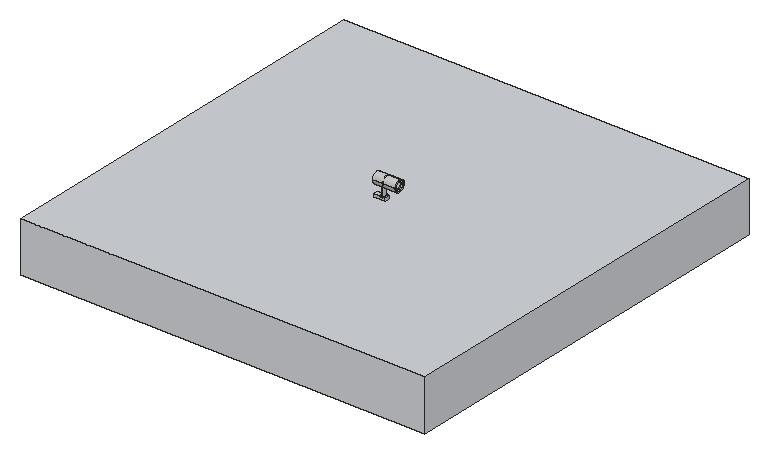
Revit family "LAMP_HANCE TRACK SPOT (DALI)", category Modelos genéricos, Revit 2015
Parameters (values of type "736LM 3000 BLACK")
  Weight = 0.47 kg
  Type = "COB PHILIPS"
  Total height = 190 mm
  Tilting angle [instance] = 90.00°
  Tilting [instance] = if(Tilting angle < 0.00°, 0.00°, if(Tilting angle > 90.00°, 90.00°, Tilting angle))  # 90.00°
  Rotation angle [instance] = 0.00°
  Rotation [instance] = if(Rotation angle < 0.00°, 90.00°, if(Rotation angle > 355.00°, 85.00°, Rotation angle + 90.00°))  # 90.00°
  Protection rating = "IP20"
  Profundidad tija = if(Longitud cuerpo = 210 mm, 18 mm, 8.2 mm)  # 8.2 mm
  Product datasheet = "http://www.lamp.es/product-files/TECH/HS1TK10SP830DBB-EN.pdf"
  Product code = "HS1TK10SP830DBB"
  Product URL = "http://www.lamp.es/en/family/hance_173901"
  Power Supply = "220-240V 50-60Hz"
  Power = 7 W
  Plum = 8.2 W
  Photometric web file = Cuerpo Hance TRACK SP (tilting) : 736LM 3000 BLACK
  Modelo = Product code  # "HS1TK10SP830DBB"
  Model explanation = "Availability of tilting between 0º and 90º, rotation between 0º and 355º and change ring color when placed in a project."
  Material track = LAMP_Aluminio Hance Negro
  Material tija = LAMP_Aluminio Hance Negro
  Manufacturer name = "LAMP"
  Manufacturer country = "Spain"
  Manufacturer URL = "http://www.lamp.es/es/"
  MacAdam = "3"
  Luminaire type = "Indoor - Spotlight"
  Longitud cuerpo = 135 mm
  Longitud aro = if(Longitud cuerpo = 135 mm, 63.6 mm, if(Longitud cuerpo = 170 mm, 98.6 mm, 138.6 mm))  # 63.6 mm
  Last update = "08/08/2018"
  Lamp = "COB LED"
  LED Lifetime = "50.000 L90 B10"
  Insulation class = "I"
  Installation instructions = "http://www.lamp.es/product-files/INS/1004280-A-INSTR.%20MONT%20HANCE%20TRACK220-SUR-REC.pdf"
  Initial intensity = 736 lm
  Initial color = 3000 K
  IEE = "A+"
  Gear = "Adjustable DALI"
  Finish = "Texturised black"
  Fabricante = Manufacturer name  # "LAMP"
  Default Elevation = 1219.2 mm
  Efficacy = 89.78 lm/W
  Diameter = 65 mm
  Descripción = "HANCE TRACK 220 1000 WW SP BK."
  Decorative ring [instance] = Aro decorativo (tilting) : Black
  Comentarios de tipo = Model explanation  # "Availability of tilting between 0º and 90º, rotation between 0º and 355º and change ring color when placed in a project."
  CRI = "80"
  Body height = 135 mm
  Angulo aro [instance] = if(Tilting = 90.00°, 90.00°, -Tilting + 180.00°)  # 90.00°
  Anchura tija = if(Longitud cuerpo = 210 mm, 28 mm, 23 mm)  # 23 mm
  Altura tija = if(Longitud cuerpo = 210 mm, 49 mm, 63 mm)  # 63 mm
Types (17, lengths in mm): name | Weight | Total height | Profundidad tija | Product datasheet | Product code | Power | Plum | Photometric web file | Modelo | Material track | Material tija | Longitud cuerpo | Longitud aro | LED Lifetime | Initial intensity | Initial color | IEE | Finish | Efficacy | Diameter | Descripción | Body height | Anchura tija | Altura tija
  (no name) | 0.47 kg | 190 | 8.2 | "http://www.lamp.es/product-files/TECH/HS1TK10SP830DBB-EN.pdf" | "HS1TK10SP830DBB" | 7 W | 8.2 W | Cuerpo Hance TRACK SP (tilting) : 736LM 3000 BLACK | "HS1TK10SP830DBB" | LAMP_Aluminio Hance Negro | LAMP_Aluminio Hance Negro | 135 | 63.6 | "50.000 L90 B10" | 736 lm | 3000 K | "A+" | "Texturised black" | 89.78 lm/W | 65 | "HANCE TRACK 220 1000 WW SP BK." | 135 | 23 | 63
  736LM 3000 BLACK | 0.47 kg | 190 | 8.2 | "http://www.lamp.es/product-files/TECH/HS1TK10SP830DBB-EN.pdf" | "HS1TK10SP830DBB" | 7 W | 8.2 W | Cuerpo Hance TRACK SP (tilting) : 736LM 3000 BLACK | "HS1TK10SP830DBB" | LAMP_Aluminio Hance Negro | LAMP_Aluminio Hance Negro | 135 | 63.6 | "50.000 L90 B10" | 736 lm | 3000 K | "A+" | "Texturised black" | 89.78 lm/W | 65 | "HANCE TRACK 220 1000 WW SP BK." | 135 | 23 | 63
  736LM 3000 WHITE | 0.47 kg | 190 | 8.2 | "http://www.lamp.es/product-files/TECH/HS1TK10SP830DBW-EN.pdf" | "HS1TK10SP830DBW" | 7 W | 8.2 W | Cuerpo Hance TRACK SP (tilting) : 736LM 3000 WHITE | "HS1TK10SP830DBW" | LAMP_Aluminio Hance Blanco | LAMP_Aluminio Hance Blanco | 135 | 63.6 | "50.000 L90 B10" | 736 lm | 3000 K | "A+" | "Texturised matt white" | 89.78 lm/W | 65 | "HANCE TRACK 220 1000 WW SP WH." | 135 | 23 | 63
  778LM 4000 BLACK | 0.47 kg | 190 | 8.2 | "http://www.lamp.es/product-files/TECH/HS1TK10SP840DBB-EN.pdf" | "HS1TK10SP840DBB" | 7 W | 8.2 W | Cuerpo Hance TRACK SP (tilting) : 778LM 4000 BLACK | "HS1TK10SP840DBB" | LAMP_Aluminio Hance Negro | LAMP_Aluminio Hance Negro | 135 | 63.6 | "50.000 L90 B10" | 778 lm | 4000 K | "A+" | "Texturised black" | 94.88 lm/W | 65 | "HANCE TRACK 220 1000 NW SP BK." | 135 | 23 | 63
  778LM 4000 WHITE | 0.47 kg | 190 | 8.2 | "http://www.lamp.es/product-files/TECH/HS1TK10SP840DBW-EN.pdf" | "HS1TK10SP840DBW" | 7 W | 8.2 W | Cuerpo Hance TRACK SP (tilting) : 778LM 4000 WHITE | "HS1TK10SP840DBW" | LAMP_Aluminio Hance Blanco | LAMP_Aluminio Hance Blanco | 135 | 63.6 | "50.000 L90 B10" | 778 lm | 4000 K | "A+" | "Texturised matt white" | 94.88 lm/W | 65 | "HANCE TRACK 220 1000 NW SP WH." | 135 | 23 | 63
  1577LM 3000 BLACK | 0.65 kg | 225 | 8.2 | "http://www.lamp.es/product-files/TECH/HS1TK20SP830DBB-EN.pdf" | "HS1TK20SP830DBB" | 18 W | 21 W | Cuerpo Hance TRACK SP (tilting) : 1577LM 3000 BLACK | "HS1TK20SP830DBB" | LAMP_Aluminio Hance Negro | LAMP_Aluminio Hance Negro | 170 | 98.6 | "50.000 L80 B10" | 1577 lm | 3000 K | "A" | "Texturised black" | 75.12 lm/W | 65 | "HANCE TRACK 220 2000 WW SP BK." | 170 | 23 | 63
  1577LM 3000 WHITE | 0.65 kg | 225 | 8.2 | "http://www.lamp.es/product-files/TECH/HS1TK20SP830DBW-EN.pdf" | "HS1TK20SP830DBW" | 18 W | 21 W | Cuerpo Hance TRACK SP (tilting) : 1577LM 3000 WHITE | "HS1TK20SP830DBW" | LAMP_Aluminio Hance Blanco | LAMP_Aluminio Hance Blanco | 170 | 98.6 | "50.000 L80 B10" | 1577 lm | 3000 K | "A" | "Texturised matt white" | 75.12 lm/W | 65 | "HANCE TRACK 220 2000 WW SP WH." | 170 | 23 | 63
  1667LM 4000 BLACK | 0.65 kg | 225 | 8.2 | "http://www.lamp.es/product-files/TECH/HS1TK20SP840DBB-EN.pdf" | "HS1TK20SP840DBB" | 18 W | 21 W | Cuerpo Hance TRACK SP (tilting) : 1667LM 4000 BLACK | "HS1TK20SP840DBB" | LAMP_Aluminio Hance Negro | LAMP_Aluminio Hance Negro | 170 | 98.6 | "50.000 L80 B10" | 1667 lm | 4000 K | "A+" | "Texturised black" | 79.38 lm/W | 65 | "HANCE TRACK 220 2000 NW SP BK." | 170 | 23 | 63
  1667LM 4000 WHITE | 0.65 kg | 225 | 8.2 | "http://www.lamp.es/product-files/TECH/HS1TK20SP840DBW-EN.pdf" | "HS1TK20SP840DBW" | 18 W | 21 W | Cuerpo Hance TRACK SP (tilting) : 1667LM 4000 WHITE | "HS1TK20SP840DBW" | LAMP_Aluminio Hance Blanco | LAMP_Aluminio Hance Blanco | 170 | 98.6 | "50.000 L80 B10" | 1667 lm | 4000 K | "A+" | "Texturised matt white" | 79.38 lm/W | 65 | "HANCE TRACK 220 2000 NW SP WH." | 170 | 23 | 63
  2541LM 3000 BLACK | 1.35 kg | 266 | 18 | "http://www.lamp.es/product-files/TECH/HS1TK30SP830DBB-EN.pdf" | "HS1TK30SP830DBB" | 26 W | 28.6 W | Cuerpo Hance TRACK SP (tilting) : 2541LM 3000 BLACK | "HS1TK30SP830DBB" | LAMP_Aluminio Hance Negro | LAMP_Aluminio Hance Negro | 210 | 138.6 | "50.000 L80 B10" | 2541 lm | 3000 K | "A+" | "Texturised black" | 88.83 lm/W | 90 | "HANCE TRACK 220 2000 NW SP BL." | 210 | 28 | 49
  2541LM 3000 WHITE | 1.35 kg | 266 | 18 | "http://www.lamp.es/product-files/TECH/HS1TK30SP830DBW-EN.pdf" | "HS1TK30SP830DBW" | 26 W | 28.6 W | Cuerpo Hance TRACK SP (tilting) : 2541LM 3000 WHITE | "HS1TK30SP830DBW" | LAMP_Aluminio Hance Blanco | LAMP_Aluminio Hance Blanco | 210 | 138.6 | "50.000 L80 B10" | 2541 lm | 3000 K | "A+" | "Texturised matt white" | 88.83 lm/W | 90 | "HANCE TRACK 220 2000 NW SP WH." | 210 | 28 | 49
  2656LM 4000 BLACK | 1.35 kg | 266 | 18 | "http://www.lamp.es/product-files/TECH/HS1TK30SP840DBB-EN.pdf" | "HS1TK30SP840DBB" | 26 W | 28.6 W | Cuerpo Hance TRACK SP (tilting) : 2656LM 4000 BLACK | "HS1TK30SP840DBB" | LAMP_Aluminio Hance Negro | LAMP_Aluminio Hance Negro | 210 | 138.6 | "50.000 L80 B10" | 2656 lm | 4000 K | "A+" | "Texturised black" | 92.87 lm/W | 90 | "HANCE TRACK 220 3000 NW SP BK." | 210 | 28 | 49
  2656LM 4000 WHITE | 1.35 kg | 266 | 18 | "http://www.lamp.es/product-files/TECH/HS1TK30SP840DBW-EN.pdf" | "HS1TK30SP840DBW" | 26 W | 28.6 W | Cuerpo Hance TRACK SP (tilting) : 2656LM 4000 WHITE | "HS1TK30SP840DBW" | LAMP_Aluminio Hance Blanco | LAMP_Aluminio Hance Blanco | 210 | 138.6 | "50.000 L80 B10" | 2656 lm | 4000 K | "A+" | "Texturised matt white" | 92.87 lm/W | 90 | "HANCE TRACK 220 3000 NW SP WH." | 210 | 28 | 49
  3295LM 3000 BLACK | 1.35 kg | 266 | 18 | "http://www.lamp.es/product-files/TECH/HS1TK40SP830DBB-EN.pdf" | "HS1TK40SP830DBB" | 35 W | 39.5 W | Cuerpo Hance TRACK SP (tilting) : 3295LM 3000 BLACK | "HS1TK40SP830DBB" | LAMP_Aluminio Hance Negro | LAMP_Aluminio Hance Negro | 210 | 138.6 | "50.000 L80 B10" | 3295 lm | 3000 K | "A+" | "Texturised black" | 83.42 lm/W | 90 | "HANCE TRACK 220 4000 WW SP BK." | 210 | 28 | 49
  3295LM 3000 WHITE | 1.35 kg | 266 | 18 | "http://www.lamp.es/product-files/TECH/HS1TK40SP830DBW-EN.pdf" | "HS1TK40SP830DBW" | 35 W | 39.5 W | Cuerpo Hance TRACK SP (tilting) : 3295LM 3000 WHITE | "HS1TK40SP830DBW" | LAMP_Aluminio Hance Blanco | LAMP_Aluminio Hance Blanco | 210 | 138.6 | "50.000 L80 B10" | 3295 lm | 3000 K | "A+" | "Texturised matt white" | 83.42 lm/W | 90 | "HANCE TRACK 220 4000 WW SP WH." | 210 | 28 | 49
  3431LM 4000 BLACK | 1.35 kg | 266 | 18 | "http://www.lamp.es/product-files/TECH/HS1TK40SP840DBB-EN.pdf" | "HS1TK40SP840DBB" | 35 W | 39.5 W | Cuerpo Hance TRACK SP (tilting) : 3431LM 4000 BLACK | "HS1TK40SP840DBB" | LAMP_Aluminio Hance Negro | LAMP_Aluminio Hance Negro | 210 | 138.6 | "50.000 L80 B10" | 3431 lm | 4000 K | "A+" | "Texturised black" | 86.86 lm/W | 90 | "HANCE TRACK 220 4000 NW SP BK." | 210 | 28 | 49
  3431LM 4000 WHITE | 1.35 kg | 266 | 18 | "http://www.lamp.es/product-files/TECH/HS1TK40SP840DBW-EN.pdf" | "HS1TK40SP840DBW" | 35 W | 39.5 W | Cuerpo Hance TRACK SP (tilting) : 3431LM 4000 WHITE | "HS1TK40SP840DBW" | LAMP_Aluminio Hance Blanco | LAMP_Aluminio Hance Blanco | 210 | 138.6 | "50.000 L80 B10" | 3431 lm | 4000 K | "A+" | "Texturised matt white" | 86.86 lm/W | 90 | "HANCE TRACK 220 4000 NW SP WH." | 210 | 28 | 49
Reference planes
  plane 1 "Centro (Frontal/Posterior)": y = 0
  plane 2: z = 0
  plane 3 "Centro (Izquierda/Derecha)": x = 0
Forms (mm)
  Extrusion 1, solid
    sketch origin (0, 0, 0) x (1, 0, 0) y (0, 1, 0)
      loop
        line (-1219.2, 1219.2) -> (-1219.2, -1219.2) -> (1219.2, -1219.2) -> (1219.2, 1219.2) -> (-1219.2, 1219.2)
    from 0 to -304.8
  Extrusion 2, solid, material "LAMP_Aluminio Hance Negro" <- "Material track"
    sketch origin (-17.6, 0, 0) x (1, 0, 0) y (0, 1, 0)
      loop
        arc (-31.129, 16) -> (-35, 0) -> (-31.129, -16) r 35
        line (-31.129, -16) -> (31.129, -16)
        arc (31.129, -16) -> (35, 0) -> (31.129, 16) r 35
        line (31.129, 16) -> (-31.129, 16)
    from -26 to 14
  Extrusion 3, void
    sketch origin (0, 0, 0) x (0, 1, 0) y (0, 0, 1)
      loop
        line (17, 0) -> (7, 0) -> (7, -25) -> (-7, -25) -> (-7, 0) -> (-17, 0) -> (-17, -26) -> (17, -26) -> (17, 0)
    from -55.461 to 19.43
  Extrusion 4, void
    sketch origin (-17.6, 0, 0) x (-1, 0, 0) y (0, -1, 0)
      loop
        circle (-17.6, 0) r 6.5
    from -7.7 to 14
  Extrusion 5, solid, material "LAMP_Aluminio Hance Negro" <- "Material track"
    sketch origin (0, 0, 0) x (1, 0, 0) y (0, 1, 0)
      loop
        circle (-1, 0) r 15.5
    from 14 to 18
Cuts and joins
  Extrusion 3, Extrusion 4 cuts Extrusion 2
Lines and regions (mm)
  reference lines
    curve 1: line (0, 0, 0) -> (50, 0, 0)
Text (mm)
  text "Any modification of the parameters and properties of the LAMP BIM models must be executed and validated by the LAMP technical department.\n\nPhone: +34 93 736 68 00\n\nE-mail: lamp@lamp.es\n\n\n\nLAMP reserves the right to modify the technical specifications of its products." at (-20972.013, 13751.942, -8580.163), in view "Preview"
Dimensions and locks
  "Rotation": angle curve 1 to plane 3 "Centro (Izquierda/Derecha)"
  aligned and locked: plane 2 to Extrusion 1
  aligned and locked: level to Extrusion 1
  aligned and locked: plane 3 "Centro (Izquierda/Derecha)" to curve 1
  aligned and locked: plane 1 "Centro (Frontal/Posterior)" to curve 1
Automatic sketch dimensions
  Extrusion 1 sketch curve to Extrusion 1 sketch curve = 2438.4 mm  (x2)
  Extrusion 2 sketch curve to Extrusion 2 sketch curve = 0 mm  (x2)
  plane 1 "Centro (Frontal/Posterior)" to Extrusion 2 sketch curve = 0 mm
  Extrusion 2 sketch curve to plane 1 "Centro (Frontal/Posterior)" = 16 mm
  Extrusion 2 sketch curve to plane 3 "Centro (Izquierda/Derecha)" = 48.729 mm
  plane 1 "Centro (Frontal/Posterior)" to Extrusion 2 sketch curve = 16 mm
  Extrusion 2 sketch curve to plane 3 "Centro (Izquierda/Derecha)" = 17.6 mm
  plane 3 "Centro (Izquierda/Derecha)" to Extrusion 2 sketch curve = 13.529 mm
  Extrusion 3 sketch curve to level = 0 mm  (x2)
  plane 1 "Centro (Frontal/Posterior)" to Extrusion 3 sketch curve = 17 mm
  plane 1 "Centro (Frontal/Posterior)" to Extrusion 3 sketch curve = 7 mm
  Extrusion 3 sketch curve to plane 1 "Centro (Frontal/Posterior)" = 7 mm
  Extrusion 3 sketch curve to Extrusion 3 sketch curve = 10 mm
  Extrusion 3 sketch curve to Extrusion 3 sketch curve = 25 mm
  Extrusion 3 sketch curve to Extrusion 3 sketch curve = 1 mm
  plane 1 "Centro (Frontal/Posterior)" to Extrusion 4 sketch curve = 0 mm
  Extrusion 4 sketch curve to plane 3 "Centro (Izquierda/Derecha)" = 0 mm
  Extrusion 5 sketch curve to curve 1 = 0 mm
  Extrusion 5 sketch curve to curve 1 = 1 mm
  radius of Extrusion 4 sketch curve = 6.5 mm
  radius of Extrusion 5 sketch curve = 15.5 mm
Nested families
  nested 1: "Aro decorativo (tilting)" at (-0.5, 0, 73.163) x (1, 0, 0) z (0, 0, -1), type <- "Decorative ring", type "Black"
  nested 2: "Tija track" at (1, 0, 18), type "Tija track"
  nested 3: "Cuerpo Hance TRACK SP (tilting)" at (-0.525, 0, 73.145) x (1, 0, 0) z (0, 0, -1), type <- "Photometric web file", type "736LM 3000 BLACK"
Connectors
  electrical at (-17.6, 0, -25)
    settings: on cut or joined group of Extrusion 2, Extrusion 3, Extrusion 4, index 1, voltage 230 V, apparent load 0 VA, apparent load phase1 0 VA, apparent load phase2 0 VA, apparent load phase3 0 VA, power factor 1, load classification "Otro", number of poles 1, system type 31, power factor state 1, is connector primary yes, connector utility no, sub classification motor no, connector description ""
Definition of nested family "Aro decorativo (tilting)"
  Parameters (values of type "Copper")
    Weight (3000/4000) = 0.016 kg
    Weight (1000/2000) = 0.01 kg
    Tilting = 90.00°
    Product datasheet = ""
    Product code (3000/4000) = "HSRI90C"
    Product code (1000/2000) = "HSRI65C"
    Product URL = ""
    Model = ""
    Material aro = none
    Manufacturer name = "LAMP"
    Manufacturer country = "Spain"
    Manufacturer URL = "http://www.lamp.es/en"
    Longitud = 63.6 mm
    Last update = "21/05/2018"
    Installation instructions = ""
    Finish = "Metalized matt copper"
    Manufacturer = Manufacturer name  # "LAMP"
    Default Elevation = 1219.2 mm
    Diameter (3000/4000) = 90 mm
    Diameter (1000/2000) = 65 mm
    Description = ""
    Accessory Type = "Optic"
    3000/4000 Model = "HSRI90C"
    3000/4000 Description = "HANCE 3000/4000 ACC. RING DECO CO."
    1000/2000 Model = "HSRI65C"
    1000/2000 Description = "HANCE 1000/2000 ACC. RING DECO CO."
  Types (5, lengths in mm): name | Product code (3000/4000) | Product code (1000/2000) | Finish | 3000/4000 Model | 3000/4000 Description | 1000/2000 Model | 1000/2000 Description
    (no name) | "HSRI90C" | "HSRI65C" | "Metalized matt copper" | "HSRI90C" | "HANCE 3000/4000 ACC. RING DECO CO." | "HSRI65C" | "HANCE 1000/2000 ACC. RING DECO CO."
    Black | "HSRI90B" | "HSRI65B" | "Matt black" | "HSRI90B" | "HANCE 3000/4000 ACC. RING DECO BK." | "HSRI65B" | "HANCE 1000/2000 ACC. RING DECO BK."
    Copper | "HSRI90C" | "HSRI65C" | "Metalized matt copper" | "HSRI90C" | "HANCE 3000/4000 ACC. RING DECO CO." | "HSRI65C" | "HANCE 1000/2000 ACC. RING DECO CO."
    Grey | "HSRI90M" | "HSRI65M" | "Metalized matt silver" | "HSRI90M" | "HANCE 3000/4000 ACC. RING DECO MET." | "HSRI65M" | "HANCE 1000/2000 ACC. RING DECO MET."
    White | "HSRI90W" | "HSRI65W" | "Matt White" | "HSRI90W" | "HANCE 3000/4000 ACC. RING DECO WH." | "HSRI65W" | "HANCE 1000/2000 ACC. RING DECO WH."
  Reference planes
    plane 1 "Centro (Frontal/Posterior)": y = 0
    plane 2: z = 0
    plane 3 "Centro (Izquierda/Derecha)": x = 0
  Lines and regions (mm)
    reference lines
      curve 1: line (0, 0, 0) -> (0, 0, -27.9)
      curve 2: line (0, 0, -27.9) -> (80.8, 0, -27.9)
  Text (mm)
    text "Any modification of the parameters and properties of the LAMP BIM models must be executed and validated by the LAMP technical department.\n\nPhone: +34 93 736 68 00\n\nE-mail: lamp@lamp.es\n\n\n\nLAMP reserves the right to modify the technical specifications of its products." at (86527.204, -96597.187, 50741.736), in view "Preview"
  Dimensions and locks
    "Tilting": angle curve 1 to plane 2
    aligned and locked: level to plane 2
    aligned and locked: plane 3 "Centro (Izquierda/Derecha)" to curve 1
    aligned and locked: plane 2 to curve 1
  Automatic sketch dimensions
    curve 2 to curve 1 = 0 mm
    curve 1 to curve 2 = 0 mm
    curve 1 to curve 2 = 80.8 mm
  Nested families
    nested 1: "Aro decorativo" at (17.2, 0, 0), type "Copper"
  Definition of nested family "Aro decorativo"
    Parameters (values of type "Copper")
      Weight (3000/4000) = 0.016 kg
      Weight (1000/2000) = 0.01 kg
      Product datasheet = ""
      Product code (3000/4000) = "HSRI90C"
      Product code (1000/2000) = "HSRI65C"
      Product URL = ""
      Model = ""
      Material aro = none
      Manufacturer name = "LAMP"
      Manufacturer country = "Spain"
      Manufacturer URL = "http://www.lamp.es/en"
      Longitud = 63.6 mm
      Last update = "21/05/2018"
      Installation instructions = ""
      Finish = "Metalized matt copper"
      Manufacturer = Manufacturer name  # "LAMP"
      Default Elevation = 1219.2 mm
      Diametro vaciado aro interior = if(Diametro aro interior = 35.4 mm, 34.4 mm, 21.9 mm)  # 21.9 mm
      Diametro vaciado aro exterior = if(Diametro aro exterior = 42.9 mm, 41.9 mm, 29.4 mm)  # 29.4 mm
      Diametro aro interior = if(Diametro aro exterior = 42.9 mm, 35.4 mm, 22.9 mm)  # 22.9 mm
      Diametro aro exterior = if(Longitud = 138.6 mm, 42.9 mm, 30.4 mm)  # 30.4 mm
      Diameter (3000/4000) = 90 mm
      Diameter (1000/2000) = 65 mm
      Description = ""
      Accessory Type = "Optic"
      3000/4000 Model = "HSRI90C"
      3000/4000 Description = "HANCE 3000/4000 ACC. RING DECO CO."
      1000/2000 Description = "HANCE 1000/2000 ACC. RING DECO CO."
      1000/2000 Model = "HSRI65C"
    Types (5, lengths in mm): name | Product code (3000/4000) | Product code (1000/2000) | Finish | 3000/4000 Model | 3000/4000 Description | 1000/2000 Description | 1000/2000 Model
      (no name) | "HSRI90C" | "HSRI65C" | "Metalized matt copper" | "HSRI90C" | "HANCE 3000/4000 ACC. RING DECO CO." | "HANCE 1000/2000 ACC. RING DECO CO." | "HSRI65C"
      Black | "HSRI90B" | "HSRI65B" | "Matt black" | "HSRI90B" | "HANCE 3000/4000 ACC. RING DECO BK." | "HANCE 1000/2000 ACC. RING DECO BK." | "HSRI65B"
      Copper | "HSRI90C" | "HSRI65C" | "Metalized matt copper" | "HSRI90C" | "HANCE 3000/4000 ACC. RING DECO CO." | "HANCE 1000/2000 ACC. RING DECO CO." | "HSRI65C"
      Grey | "HSRI90M" | "HSRI65M" | "Metalized matt silver" | "HSRI90M" | "HANCE 3000/4000 ACC. RING DECO MET." | "HANCE 1000/2000 ACC. RING DECO MET." | "HSRI65M"
      White | "HSRI90W" | "HSRI65W" | "Matt white" | "HSRI90W" | "HANCE 3000/4000 ACC. RING DECO WH." | "HANCE 1000/2000 ACC. RING DECO WH." | "HSRI65W"
    Reference planes
      plane 1 "Centro (Frontal/Posterior)": y = 0
      plane 2: z = 0
      plane 3 "Centro (Izquierda/Derecha)": x = 0
    Forms (mm)
      Revolve 1, solid, material <- "Material aro"
        sketch origin (0, 0, -27.9) x (1, 0, 0) y (0, 0, 1)
          loop
            line (63.6, 0) -> (73.782, 0) -> (73.782, 30.4) -> (63.6, 22.9) -> (63.6, 0)
          axis (73.782, 0) -> (63.6, 0)
        angle from 0 to 360
      Revolve 2, void
        sketch origin (0, 0, -27.9) x (1, 0, 0) y (0, 0, 1)
          loop
            line (73.782, 29.4) -> (63.6, 21.9) -> (63.6, 0) -> (73.782, 0) -> (73.782, 29.4)
          axis (63.6, 0) -> (73.782, 0)
        angle from 0 to 360
    Cuts and joins
      Revolve 2 cuts Revolve 1
    Lines and regions (mm)
      reference lines
        curve 1: line (0, 0, -27.9) -> (63.6, 0, -27.9)
    Text (mm)
      text "Any modification of the parameters and properties of the LAMP BIM models must be executed and validated by the LAMP technical department.\n\nPhone: +34 93 736 68 00\n\nE-mail: lamp@lamp.es\n\n\n\nLAMP reserves the right to modify the technical specifications of its products." at (91886.357, -93022.329, 47898.266), in view "Preview"
    Dimensions and locks
      "Diametro aro exterior": Revolve 1 sketch curve to Revolve 1 sketch curve
      "Diametro vaciado aro exterior": Revolve 2 sketch curve to Revolve 2 sketch curve
      "Longitud": curve 1 to plane 3 "Centro (Izquierda/Derecha)"
      "Diametro aro interior": Revolve 1 sketch curve to Revolve 1 sketch curve
      "Diametro vaciado aro interior": Revolve 2 sketch curve to Revolve 2 sketch curve
      aligned and locked: level to plane 2
    Automatic sketch dimensions
      Revolve 1 sketch curve to curve 1 = 0 mm  (x4)
      curve 1 to Revolve 1 sketch curve = 10.182 mm
      Revolve 1 sketch curve to Revolve 1 sketch curve = 0 mm
      Revolve 2 sketch curve to curve 1 = 0 mm  (x3)
      curve 1 to Revolve 2 sketch curve = 10.182 mm
      Revolve 2 sketch curve to curve 1 = 1261.008 mm
      Revolve 2 sketch curve to Revolve 2 sketch curve = 1898.983 mm
      curve 1 to plane 3 "Centro (Izquierda/Derecha)" = 0 mm
      curve 1 to level = 27.9 mm
Definition of nested family "Tija track"
  Parameters (values of type "Tija track")
    Profundidad tija = 8.2 mm
    Material tija = none
    Default Elevation = 1219.2 mm
    Anchura tija = 23 mm
    Profundo vaciado = if(Profundidad tija = 18 mm, 10.8 mm, 1 mm)  # 1 mm
    Ancho vaciado = Anchura tija  # 23 mm
    Altura tija = 63 mm
  Reference planes
    plane 1 "Centro (Frontal/Posterior)": y = 0
    plane 2: z = 0
    plane 3 "Centro (Izquierda/Derecha)": x = 0
  Forms (mm)
    Extrusion 1, solid
      sketch origin (0, 0, 0) x (1, 0, 0) y (0, 1, 0)
        loop
          line (-1219.2, 1219.2) -> (-1219.2, -1219.2) -> (1219.2, -1219.2) -> (1219.2, 1219.2) -> (-1219.2, 1219.2)
      from 0 to -304.8
    Extrusion 2, solid, material <- "Material tija"
      sketch origin (0, 0, -18) x (1, 0, 0) y (0, 0, 1)
        loop
          line (4.1, 18) -> (4.1, 81) -> (-6.297, 81)
          arc (-6.297, 81) -> (-12.297, 75) -> (-6.297, 69) r 6
          line (-6.297, 69) -> (-4.1, 69) -> (-4.1, 18) -> (4.1, 18)
      from -11.5 to 11.5
    Extrusion 3, void
      sketch origin (0, 0, -20) x (-1, 0, 0) y (0, 0, 1)
        loop
          circle (7.297, 77) r 3
        loop
          circle (7.297, 63) r 3
      from -17.317 to 15.502
    Extrusion 4, void
      sketch origin (1, -11.5, 0) x (-1, 0, 0) y (0, 1, 0)
        loop
          line (0, 23) -> (-38.141, 23) -> (-38.141, 0) -> (0, 0)
          arc (0, 0) -> (-1.663, 11.5) -> (0, 23) r 40.6
      from -63 to 0
  Cuts and joins
    Extrusion 3, Extrusion 4 cuts Extrusion 2
  Lines and regions (mm)
    reference lines
      curve 1: line (1, -11.5, 0) -> (1, 11.5, 0)
  Dimensions and locks
    equal spacing: cut or joined group of Extrusion 2, Extrusion 3, Extrusion 4, plane 1 "Centro (Frontal/Posterior)", cut or joined group of Extrusion 2, Extrusion 3, Extrusion 4
    "Anchura tija": cut or joined group of Extrusion 2, Extrusion 3, Extrusion 4 to cut or joined group of Extrusion 2, Extrusion 3, Extrusion 4
    plane 1 "Centro (Frontal/Posterior)" to Extrusion 4 sketch curve = 11.5 mm
    "Altura tija": Extrusion 2 sketch curve to Extrusion 2 sketch curve
    "Profundidad tija": cut or joined group of Extrusion 2, Extrusion 3, Extrusion 4 to cut or joined group of Extrusion 2, Extrusion 3, Extrusion 4
    locked: cut or joined group of Extrusion 2, Extrusion 3, Extrusion 4 to plane 3 "Centro (Izquierda/Derecha)" at 4.1
    locked: plane 3 "Centro (Izquierda/Derecha)" to Extrusion 4 sketch curve at 39.141
    "Profundo vaciado": plane 3 "Centro (Izquierda/Derecha)" to curve 1
    "Ancho vaciado": Extrusion 4 sketch curve to Extrusion 4 sketch curve
    equal spacing: Extrusion 4 sketch curve, plane 1 "Centro (Frontal/Posterior)", Extrusion 4 sketch curve
    aligned and locked: plane 2 to Extrusion 1
    aligned and locked: level to Extrusion 1
  Automatic sketch dimensions
    Extrusion 1 sketch curve to Extrusion 1 sketch curve = 2438.4 mm  (x2)
    Extrusion 3 sketch curve to plane 3 "Centro (Izquierda/Derecha)" = 7.297 mm  (x2)
    level to Extrusion 3 sketch curve = 43 mm
    Extrusion 3 sketch curve to Extrusion 3 sketch curve = 14 mm
    Extrusion 2 sketch curve to level = 0 mm
    Extrusion 2 sketch curve to plane 3 "Centro (Izquierda/Derecha)" = 6.297 mm
    Extrusion 2 sketch curve to Extrusion 2 sketch curve = 2.197 mm
    plane 3 "Centro (Izquierda/Derecha)" to Extrusion 2 sketch curve = 4.1 mm
    Extrusion 2 sketch curve to Extrusion 2 sketch curve = 12 mm
    plane 1 "Centro (Frontal/Posterior)" to curve 1 = 11.5 mm
    curve 1 to plane 1 "Centro (Frontal/Posterior)" = 11.5 mm
    Extrusion 4 sketch curve to curve 1 = 0 mm  (x2)
    curve 1 to Extrusion 4 sketch curve = 38.937 mm
    radius of Extrusion 3 sketch curve = 3 mm  (x2)
Definition of nested family "Cuerpo Hance TRACK SP (tilting)"
  Parameters (values of type "736LM 3000 BLACK")
    Tilting = 90.00°
    Photometric web file = Cuerpo Hance TRACK SP : 736LM 3000 BLACK
    Longitud cuerpo = 135 mm
    Default Elevation = 1219.2 mm
  Types (17, lengths in mm): name | Photometric web file | Longitud cuerpo
    (no name) | Cuerpo Hance TRACK SP : 736LM 3000 BLACK | 135
    736LM 3000 BLACK | Cuerpo Hance TRACK SP : 736LM 3000 BLACK | 135
    736LM 3000 WHITE | Cuerpo Hance TRACK SP : 736LM 3000 WHITE | 135
    778LM 4000 BLACK | Cuerpo Hance TRACK SP : 778LM 4000 BLACK | 135
    778LM 4000 WHITE | Cuerpo Hance TRACK SP : 778LM 4000 WHITE | 135
    1577LM 3000 BLACK | Cuerpo Hance TRACK SP : 1577LM 3000 BLACK | 170
    1577LM 3000 WHITE | Cuerpo Hance TRACK SP : 1577LM 3000 WHITE | 170
    1667LM 4000 BLACK | Cuerpo Hance TRACK SP : 1667LM 4000 BLACK | 170
    1667LM 4000 WHITE | Cuerpo Hance TRACK SP : 1667LM 4000 WHITE | 170
    2541LM 3000 BLACK | Cuerpo Hance TRACK SP : 2541LM 3000 BLACK | 210
    2541LM 3000 WHITE | Cuerpo Hance TRACK SP : 2541LM 3000 WHITE | 210
    2656LM 4000 BLACK | Cuerpo Hance TRACK SP : 2656LM 4000 BLACK | 210
    2656LM 4000 WHITE | Cuerpo Hance TRACK SP : 2656LM 4000 WHITE | 210
    3295LM 3000 BLACK | Cuerpo Hance TRACK SP : 3295LM 3000 BLACK | 210
    3295LM 3000 WHITE | Cuerpo Hance TRACK SP : 3295LM 3000 WHITE | 210
    3431LM 4000 BLACK | Cuerpo Hance TRACK SP : 3431LM 4000 BLACK | 210
    3431LM 4000 WHITE | Cuerpo Hance TRACK SP : 3431LM 4000 WHITE | 210
  Reference planes
    plane 1 "Centro (Frontal/Posterior)": y = 0
    plane 2: z = 0
    plane 3 "Centro (Izquierda/Derecha)": x = 0
  Lines and regions (mm)
    reference lines
      curve 1: line (0, 0, 0) -> (200, 0, 0)
  Dimensions and locks
    "Tilting": angle plane 3 "Centro (Izquierda/Derecha)" to curve 1
    aligned and locked: level to plane 2
    aligned and locked: plane 3 "Centro (Izquierda/Derecha)" to curve 1
    aligned and locked: plane 2 to curve 1
  Nested families
    nested 1: "Cuerpo Hance TRACK SP" at (0, 0, 0), type <- "Photometric web file", type "736LM 3000 BLACK"
  Definition of nested family "Cuerpo Hance TRACK SP"
    Parameters (values of type "736LM 3000 BLACK")
      Tilt Angle = 90.00° + Tilting  # 180.00°
      Wattage = 8.2 W
      Tilting = 90.00°
      built-in parameter 1150107 = 3000 (stored number, unit not read)
      Radio vacio posterior = Radio cuerpo - 2.2 mm  # 30.3 mm
      Radio vaciado = Radio cuerpo - 1.5 mm  # 31 mm
      Radio cuerpo = if(Longitud cuerpo = 210 mm, 45 mm, 32.5 mm)  # 32.5 mm
      built-in parameter 1150110 = 1 (stored number, unit not read)
      built-in parameter 1150109 = 1 (stored number, unit not read)
      built-in parameter 1150112 = 1 (stored number, unit not read)
      built-in parameter 1150113 = 1 (stored number, unit not read)
      built-in parameter 1114218 = 1 (stored number, unit not read)
      built-in parameter 1150137 = (empty or 0)
      built-in parameter 1150132 = 2
      Material reflector = none
      Material cuerpo = none
      Material COB = none
      Longitud cuerpo = 135 mm
      Long. origen luz = if(Longitud cuerpo = 135 mm, 20 mm, if(Longitud cuerpo = 170 mm, 55 mm, 90 mm))  # 20 mm
      L_3 = if(Ancho disipador posterior = 80.4 mm, 39.6 mm, 12 mm)  # 12 mm
      L_2 = if(Ancho disipador posterior = 80.4 mm, 36.3 mm, 22.6 mm)  # 22.6 mm
      L_1 = if(Ancho disipador posterior = 80.4 mm, 36.8 mm, 25.4 mm)  # 25.4 mm
      built-in parameter 1150105 = 12848.5 (stored number, unit not read)
      built-in parameter 1150102 = (empty or 0)
      built-in parameter 1150106 = 128.48 (stored number, unit not read)
      Lumens = 736.196 lm
      Color Filter = 16777215
      built-in parameter 1114217 = 1 (stored number, unit not read)
      built-in parameter 1150139 = (empty or 0)
      Default Elevation = 1219.2 mm
      built-in parameter 1150104 = 8.3408 (stored number, unit not read)
      Efficacy = 89.78 lm/W
      Diametro aro = if(Radio cuerpo = 45 mm, 42.9 mm, 30.4 mm)  # 30.4 mm
      built-in parameter 1150115 = 1 (stored number, unit not read)
      built-in parameter 1150114 = 1 (stored number, unit not read)
      built-in parameter 1150138 = (empty or 0)
      built-in parameter 1150134 = (empty or 0)
      Dimming Lamp Color Temperature Shift = (empty or 0)
      Photometric Web File = "HS1TK10SP830NBB.IES"
      Ancho vaciado reflector = if(Radio cuerpo = 45 mm, 34.4 mm, 21.9 mm)  # 21.9 mm
      Ancho reflector = if(Radio cuerpo = 45 mm, 35.4 mm, 22.9 mm)  # 22.9 mm
      Ancho disipador posterior = if(Radio cuerpo = 32.5 mm, 53 mm, 80.4 mm)  # 53 mm
      built-in parameter 1150133 = 10 (stored number, unit not read)
      Altura disipador superior = if(Radio cuerpo = 45 mm, 23.9 mm, 36.9 mm)  # 36.9 mm
      Ancho disipador superior = if(Radio cuerpo = 45 mm, 28 mm, 22.6 mm)  # 22.6 mm
    Types (16, lengths in mm): name | Wattage | built-in parameter 1150107 | Radio vacio posterior | Radio vaciado | Radio cuerpo | Longitud cuerpo | Long. origen luz | L_3 | L_2 | L_1 | built-in parameter 1150105 | built-in parameter 1150106 | Lumens | built-in parameter 1150104 | Efficacy | Diametro aro | built-in parameter 1150134 | Photometric Web File | Ancho vaciado reflector | Ancho reflector | Ancho disipador posterior | Altura disipador superior | Ancho disipador superior
      736LM 3000 BLACK | 8.2 W | 3000 (stored number, unit not read) | 30.3 | 31 | 32.5 | 135 | 20 | 12 | 22.6 | 25.4 | 12848.5 (stored number, unit not read) | 128.48 (stored number, unit not read) | 736.196 lm | 8.3408 (stored number, unit not read) | 89.78 lm/W | 30.4 | (empty or 0) | "HS1TK10SP830NBB.IES" | 21.9 | 22.9 | 53 | 36.9 | 22.6
      736LM 3000 WHITE | 8.2 W | 3000 (stored number, unit not read) | 30.3 | 31 | 32.5 | 135 | 20 | 12 | 22.6 | 25.4 | 12848.5 (stored number, unit not read) | 128.48 (stored number, unit not read) | 736.196 lm | 8.3408 (stored number, unit not read) | 89.78 lm/W | 30.4 | (empty or 0) | "HS1TK10SP830NBW.IES" | 21.9 | 22.9 | 53 | 36.9 | 22.6
      778LM 4000 BLACK | 8.2 W | 4000 (stored number, unit not read) | 30.3 | 31 | 32.5 | 135 | 20 | 12 | 22.6 | 25.4 | 13578.3 (stored number, unit not read) | 135.78 (stored number, unit not read) | 778.016 lm | 8.8146 (stored number, unit not read) | 94.88 lm/W | 30.4 | 12 | "HS1TK10SP840NBB.IES" | 21.9 | 22.9 | 53 | 36.9 | 22.6
      778LM 4000 WHITE | 8.2 W | 4000 (stored number, unit not read) | 30.3 | 31 | 32.5 | 135 | 20 | 12 | 22.6 | 25.4 | 13578.3 (stored number, unit not read) | 135.78 (stored number, unit not read) | 778.016 lm | 8.8146 (stored number, unit not read) | 94.88 lm/W | 30.4 | 12 | "HS1TK10SP840NBW.IES" | 21.9 | 22.9 | 53 | 36.9 | 22.6
      1577LM 3000 BLACK | 21 W | 3000 (stored number, unit not read) | 30.3 | 31 | 32.5 | 170 | 55 | 12 | 22.6 | 25.4 | 8331.3 (stored number, unit not read) | 83.313 (stored number, unit not read) | 1577.52 lm | 6.9789 (stored number, unit not read) | 75.12 lm/W | 30.4 | (empty or 0) | "HS1TK20SP830NBB.IES" | 21.9 | 22.9 | 53 | 36.9 | 22.6
      1577LM 3000 WHITE | 21 W | 3000 (stored number, unit not read) | 30.3 | 31 | 32.5 | 170 | 55 | 12 | 22.6 | 25.4 | 8331.3 (stored number, unit not read) | 83.313 (stored number, unit not read) | 1577.52 lm | 6.9789 (stored number, unit not read) | 75.12 lm/W | 30.4 | (empty or 0) | "HS1TK20SP830NBW.IES" | 21.9 | 22.9 | 53 | 36.9 | 22.6
      1667LM 4000 BLACK | 21 W | 4000 (stored number, unit not read) | 30.3 | 31 | 32.5 | 170 | 55 | 12 | 22.6 | 25.4 | 9070.2 (stored number, unit not read) | 90.702 (stored number, unit not read) | 1666.98 lm | 7.3746 (stored number, unit not read) | 79.38 lm/W | 30.4 | 12 | "HS1TK20SP840NBB.IES" | 21.9 | 22.9 | 53 | 36.9 | 22.6
      1667LM 4000 WHITE | 21 W | 4000 (stored number, unit not read) | 30.3 | 31 | 32.5 | 170 | 55 | 12 | 22.6 | 25.4 | 9070.2 (stored number, unit not read) | 90.702 (stored number, unit not read) | 1666.98 lm | 7.3746 (stored number, unit not read) | 79.38 lm/W | 30.4 | 12 | "HS1TK20SP840NBW.IES" | 21.9 | 22.9 | 53 | 36.9 | 22.6
      2541LM 3000 BLACK | 28.6 W | 3000 (stored number, unit not read) | 42.8 | 43.5 | 45 | 210 | 90 | 39.6 | 36.3 | 36.8 | 13823.3 (stored number, unit not read) | 138.23 (stored number, unit not read) | 2540.54 lm | 8.2526 (stored number, unit not read) | 88.83 lm/W | 42.9 | (empty or 0) | "HS1TK30SP830NBB.IES" | 34.4 | 35.4 | 80.4 | 23.9 | 28
      2541LM 3000 WHITE | 28.6 W | 3000 (stored number, unit not read) | 42.8 | 43.5 | 45 | 210 | 90 | 39.6 | 36.3 | 36.8 | 13823.3 (stored number, unit not read) | 138.23 (stored number, unit not read) | 2540.54 lm | 8.2526 (stored number, unit not read) | 88.83 lm/W | 42.9 | (empty or 0) | "HS1TK30SP830NBW.IES" | 34.4 | 35.4 | 80.4 | 23.9 | 28
      2656LM 4000 BLACK | 28.6 W | 4000 (stored number, unit not read) | 42.8 | 43.5 | 45 | 210 | 90 | 39.6 | 36.3 | 36.8 | 19226 (stored number, unit not read) | 192.26 (stored number, unit not read) | 2656.08 lm | 8.6279 (stored number, unit not read) | 92.87 lm/W | 42.9 | 12 | "HS1TK30SP840NBB.IES" | 34.4 | 35.4 | 80.4 | 23.9 | 28
      2656LM 4000 WHITE | 28.6 W | 4000 (stored number, unit not read) | 42.8 | 43.5 | 45 | 210 | 90 | 39.6 | 36.3 | 36.8 | 19226 (stored number, unit not read) | 192.26 (stored number, unit not read) | 2656.08 lm | 8.6279 (stored number, unit not read) | 92.87 lm/W | 42.9 | 12 | "HS1TK30SP840NBW.IES" | 34.4 | 35.4 | 80.4 | 23.9 | 28
      3295LM 3000 BLACK | 39.5 W | 3000 (stored number, unit not read) | 42.8 | 43.5 | 45 | 210 | 90 | 39.6 | 36.3 | 36.8 | 23851.4 (stored number, unit not read) | 238.51 (stored number, unit not read) | 3295.09 lm | 7.75 (stored number, unit not read) | 83.42 lm/W | 42.9 | (empty or 0) | "HS1TK40SP830NBB.IES" | 34.4 | 35.4 | 80.4 | 23.9 | 28
      3295LM 3000 WHITE | 39.5 W | 3000 (stored number, unit not read) | 42.8 | 43.5 | 45 | 210 | 90 | 39.6 | 36.3 | 36.8 | 23851.4 (stored number, unit not read) | 238.51 (stored number, unit not read) | 3295.09 lm | 7.75 (stored number, unit not read) | 83.42 lm/W | 42.9 | (empty or 0) | "HS1TK40SP830NBW.IES" | 34.4 | 35.4 | 80.4 | 23.9 | 28
      3431LM 4000 BLACK | 39.5 W | 4000 (stored number, unit not read) | 42.8 | 43.5 | 45 | 210 | 90 | 39.6 | 36.3 | 36.8 | 24308.8 (stored number, unit not read) | 243.09 (stored number, unit not read) | 3430.97 lm | 8.0696 (stored number, unit not read) | 86.86 lm/W | 42.9 | 12 | "HS1TK40SP840NBB.IES" | 34.4 | 35.4 | 80.4 | 23.9 | 28
      3431LM 4000 WHITE | 39.5 W | 4000 (stored number, unit not read) | 42.8 | 43.5 | 45 | 210 | 90 | 39.6 | 36.3 | 36.8 | 24308.8 (stored number, unit not read) | 243.09 (stored number, unit not read) | 3430.97 lm | 8.0696 (stored number, unit not read) | 86.86 lm/W | 42.9 | 12 | "HS1TK40SP840NBW.IES" | 34.4 | 35.4 | 80.4 | 23.9 | 28
    Reference planes
      plane 1 "Centro (Frontal/Posterior)": y = 0
      plane 2: z = 0
      plane 3 "Centro (Izquierda/Derecha)": x = 0
    Forms (mm)
      Extrusion 1, solid, material <- "Material cuerpo"
        sketch origin (0, 0, 0) x (0, -1, 0) y (0, 0, 1)
          loop
            circle (0, -27.875) r 32.5
        from -93 to 42
      Extrusion 2, void
        sketch origin (0, 0, 0) x (0, 1, 0) y (0, 0, 1)
          loop
            line (11.3, 30) -> (-11.3, 30) -> (-11.3, -6.9)
            arc (-11.3, -6.9) -> (0, -7.855) -> (11.3, -6.9) r 67.349
            line (11.3, -6.9) -> (11.3, 30)
        from -42 to 9.4
      Extrusion 3, void
        sketch origin (0, 0, 0) x (0, 1, 0) y (0, 0, 1)
          loop
            circle (0, -27.875) r 30.3
        from -42 to -41
      Extrusion 4, void
        sketch origin (0, 0, 0) x (0, 1, 0) y (0, 0, 1)
          loop
            line (26.5, -26.291) -> (-26.5, -26.291)
            arc (-26.5, -26.291) -> (-27.7, -27.491) -> (-26.5, -28.691) r 1.2
            line (-26.5, -28.691) -> (26.5, -28.691)
            arc (26.5, -28.691) -> (27.7, -27.491) -> (26.5, -26.291) r 1.2
          loop
            line (26.115, -30.891) -> (-26.115, -30.891)
            arc (-26.115, -30.891) -> (-27.315, -32.091) -> (-26.115, -33.291) r 1.2
            line (-26.115, -33.291) -> (26.115, -33.291)
            arc (26.115, -33.291) -> (27.315, -32.091) -> (26.115, -30.891) r 1.2
          loop
            line (25.4, -35.55) -> (-24.915, -35.55)
            arc (-24.915, -35.55) -> (-26.115, -36.75) -> (-24.915, -37.95) r 1.2
            line (-24.915, -37.95) -> (25.4, -37.95)
            arc (25.4, -37.95) -> (26.6, -36.75) -> (25.4, -35.55) r 1.2
          loop
            line (22.6, -40.091) -> (-22.64, -40.091)
            arc (-22.64, -40.091) -> (-23.84, -41.291) -> (-22.64, -42.491) r 1.2
            line (-22.64, -42.491) -> (22.6, -42.491)
            arc (22.6, -42.491) -> (23.8, -41.291) -> (22.6, -40.091) r 1.2
          loop
            line (19.043, -44.691) -> (-19.086, -44.691)
            arc (-19.086, -44.691) -> (-20.286, -45.891) -> (-19.086, -47.091) r 1.2
            line (-19.086, -47.091) -> (19.043, -47.091)
            arc (19.043, -47.091) -> (20.243, -45.891) -> (19.043, -44.691) r 1.2
          loop
            line (15.357, -49.291) -> (-15.5, -49.291)
            arc (-15.5, -49.291) -> (-16.6, -50.391) -> (-15.5, -51.491) r 1.1
            line (-15.5, -51.491) -> (15.357, -51.491)
            arc (15.357, -51.491) -> (16.457, -50.391) -> (15.357, -49.291) r 1.1
          loop
            line (6, -53.691) -> (-6, -53.691)
            arc (-6, -53.691) -> (-7.1, -54.791) -> (-6, -55.891) r 1.1
            line (-6, -55.891) -> (6, -55.891)
            arc (6, -55.891) -> (7.1, -54.791) -> (6, -53.691) r 1.1
        from -42 to -38.7
      Extrusion 5, void
        sketch origin (0, 0, 0) x (-1, 0, 0) y (0, -1, 0)
          loop
            line (37.7, -9.12) -> (37.7, 9.12)
            arc (37.7, 9.12) -> (36.6, 10.22) -> (35.5, 9.12) r 1.1
            line (35.5, 9.12) -> (35.5, -9.12)
            arc (35.5, -9.12) -> (36.6, -10.22) -> (37.7, -9.12) r 1.1
          loop
            line (28.9, -9.12) -> (28.9, 9.12)
            arc (28.9, 9.12) -> (27.8, 10.22) -> (26.7, 9.12) r 1.1
            line (26.7, 9.12) -> (26.7, -9.12)
            arc (26.7, -9.12) -> (27.8, -10.22) -> (28.9, -9.12) r 1.1
          loop
            line (20.1, -9.12) -> (20.1, 9.12)
            arc (20.1, 9.12) -> (19, 10.22) -> (17.9, 9.12) r 1.1
            line (17.9, 9.12) -> (17.9, -9.12)
            arc (17.9, -9.12) -> (19, -10.22) -> (20.1, -9.12) r 1.1
        from -51.491 to 30
      Extrusion 6, void
        sketch origin (0, 0, 0) x (-1, 0, 0) y (0, -1, 0)
          loop
            line (33.3, -9.12) -> (33.3, 9.12)
            arc (33.3, 9.12) -> (32.2, 10.22) -> (31.1, 9.12) r 1.1
            line (31.1, 9.12) -> (31.1, -9.12)
            arc (31.1, -9.12) -> (32.2, -10.22) -> (33.3, -9.12) r 1.1
          loop
            line (24.5, -9.12) -> (24.5, 9.12)
            arc (24.5, 9.12) -> (23.4, 10.22) -> (22.3, 9.12) r 1.1
            line (22.3, 9.12) -> (22.3, -9.12)
            arc (22.3, -9.12) -> (23.4, -10.22) -> (24.5, -9.12) r 1.1
        from -8.232 to 30
      Extrusion 7, void
        sketch origin (0, 0, 0) x (0, 1, 0) y (0, 0, 1)
          loop
            circle (0, -27.875) r 31
        from 17.213 to 93
      Revolve 8, solid, material <- "Material reflector"
        sketch origin (0, 0, 0) x (1, 0, 0) y (0, 0, 1)
          loop
            line (60.5, -27.875) -> (80.818, -27.875) -> (80.818, -4.975) -> (60.5, -19.875) -> (60.5, -27.875)
          axis (60.5, -27.875) -> (80.818, -27.875)
        angle from 0 to 360
      Revolve 9, void
        sketch origin (0, 0, 0) x (1, 0, 0) y (0, 0, 1)
          loop
            line (80.818, -5.975) -> (61.5, -20.142) -> (60.5, -20.142) -> (60.5, -27.875) -> (61.5, -27.875) -> (80.818, -27.875) -> (80.818, -5.975)
          axis (80.818, -27.875) -> (60.5, -27.875)
        angle from 0 to 360
      Extrusion 10, solid, material <- "Material COB"
        sketch origin (0, 0, 0) x (0, -1, 0) y (0, 0, 1)
          loop
            circle (0, -27.875) r 7.733
        from -61.5 to -60.5
    Cuts and joins
      Extrusion 2, Extrusion 3, Extrusion 4, Extrusion 5, Extrusion 6, Extrusion 7 cuts Extrusion 1
      Revolve 9 cuts Revolve 8
    Lines and regions (mm)
      reference lines
        curve 1: line (0, 0, 0) -> (178.042, 0, 0)
        curve 2: line (93, 0, -27.875) -> (113, 0, -27.875)
        curve 3: line (0, 0, 0) -> (0, 0, -75)
        curve 4: line (93, 0, -22.875) -> (93, 0, -32.875)
    Text (mm)
      text "Any modification of the parameters and properties of the LAMP BIM models must be executed and validated by the LAMP technical department.\n\nPhone: +34 93 736 68 00\n\nE-mail: lamp@lamp.es\n\n\n\nLAMP reserves the right to modify the technical specifications of its products." at (97482.136, -81600.41, 57308.082), in view "Preview"
    Dimensions and locks
      locked: Revolve 9 sketch curve to cut or joined group of Extrusion 1, Extrusion 2, Extrusion 3, Extrusion 4, Extrusion 5, Extrusion 6, Extrusion 7 at 12.182
      "Longitud cuerpo": cut or joined group of Extrusion 1, Extrusion 2, Extrusion 3, Extrusion 4, Extrusion 5, Extrusion 6, Extrusion 7 to cut or joined group of Extrusion 1, Extrusion 2, Extrusion 3, Extrusion 4, Extrusion 5, Extrusion 6, Extrusion 7
      locked: cut or joined group of Extrusion 1, Extrusion 2, Extrusion 3, Extrusion 4, Extrusion 5, Extrusion 6, Extrusion 7 to curve 3 at 42
      locked: cut or joined group of Revolve 8, Revolve 9 to cut or joined group of Extrusion 1, Extrusion 2, Extrusion 3, Extrusion 4, Extrusion 5, Extrusion 6, Extrusion 7 at 12.182
      locked: cut or joined group of Revolve 8, Revolve 9 to cut or joined group of Revolve 8, Revolve 9 at 20.318
      locked: cut or joined group of Extrusion 1, Extrusion 2, Extrusion 3, Extrusion 4, Extrusion 5, Extrusion 6, Extrusion 7 to Extrusion 10 at 31.5
      locked: Extrusion 10 to Extrusion 10 at 1
      "Long. origen luz": curve 4 to curve 2
      equal spacing: Extrusion 4 sketch curve, plane 1 "Centro (Frontal/Posterior)", Extrusion 4 sketch curve  (x2)
      "Ancho disipador posterior": Extrusion 4 sketch curve to Extrusion 4 sketch curve
      "L_1": Extrusion 4 sketch curve to plane 1 "Centro (Frontal/Posterior)"
      "L_2": Extrusion 4 sketch curve to curve 3
      "L_3": Extrusion 4 sketch curve to Extrusion 4 sketch curve
      equal spacing: Extrusion 2 sketch curve, plane 1 "Centro (Frontal/Posterior)", Extrusion 2 sketch curve
      "Ancho disipador superior": Extrusion 2 sketch curve to Extrusion 2 sketch curve
      "Altura disipador superior": Extrusion 2 sketch curve to Extrusion 2 sketch curve
      locked: plane 2 to Extrusion 2 sketch curve at 30
      "Ancho reflector": Revolve 8 sketch curve to imposter light
      "Ancho vaciado reflector": Revolve 9 sketch curve to imposter light
      "Radio cuerpo": radius of Extrusion 1 sketch curve
      "Radio vaciado": radius of Extrusion 7 sketch curve
      "Radio vacio posterior": radius of Extrusion 3 sketch curve
      "Tilting": angle plane 3 "Centro (Izquierda/Derecha)" to curve 1
      aligned and locked: level to plane 2
      aligned and locked: imposter light to curve 2  (x2)
      aligned and locked: cut or joined group of Extrusion 1, Extrusion 2, Extrusion 3, Extrusion 4, Extrusion 5, Extrusion 6, Extrusion 7 to cut or joined group of Extrusion 1, Extrusion 2, Extrusion 3, Extrusion 4, Extrusion 5, Extrusion 6, Extrusion 7
    Automatic sketch dimensions
      curve 1 to Extrusion 5 sketch curve = 17.9 mm
      Extrusion 5 sketch curve to Extrusion 5 sketch curve = 1.1 mm  (x3)
      Extrusion 5 sketch curve to Extrusion 5 sketch curve = 6.6 mm  (x2)
      Extrusion 5 sketch curve to curve 1 = 9.12 mm  (x2)
      Extrusion 5 sketch curve to Extrusion 5 sketch curve = 0 mm  (x3)
      curve 1 to Extrusion 5 sketch curve = 9.12 mm
      curve 1 to Extrusion 6 sketch curve = 22.3 mm
      Extrusion 6 sketch curve to Extrusion 6 sketch curve = 1.1 mm  (x2)
      Extrusion 6 sketch curve to Extrusion 6 sketch curve = 6.6 mm
      Extrusion 6 sketch curve to curve 1 = 9.12 mm
      Extrusion 6 sketch curve to Extrusion 6 sketch curve = 0 mm  (x2)
      curve 1 to Extrusion 6 sketch curve = 9.12 mm
      Extrusion 10 sketch curve to plane 1 "Centro (Frontal/Posterior)" = 0 mm
      Extrusion 1 sketch curve to plane 1 "Centro (Frontal/Posterior)" = 0 mm
      Extrusion 1 sketch curve to level = 27.875 mm
      Extrusion 2 sketch curve to plane 1 "Centro (Frontal/Posterior)" = 0 mm
      Extrusion 2 sketch curve to Extrusion 2 sketch curve = 29.494 mm
      Extrusion 3 sketch curve to plane 1 "Centro (Frontal/Posterior)" = 0 mm
      Extrusion 3 sketch curve to level = 27.875 mm
      Extrusion 4 sketch curve to Extrusion 4 sketch curve = 0.385 mm  (x2)
      Extrusion 4 sketch curve to Extrusion 4 sketch curve = 1.2 mm  (x6)
      Extrusion 4 sketch curve to Extrusion 4 sketch curve = 2.276 mm
      Extrusion 4 sketch curve to Extrusion 4 sketch curve = 3.554 mm
      Extrusion 4 sketch curve to Extrusion 4 sketch curve = 3.586 mm
      Extrusion 4 sketch curve to Extrusion 4 sketch curve = 9.357 mm
      Extrusion 4 sketch curve to Extrusion 4 sketch curve = 3.557 mm
      Extrusion 4 sketch curve to level = 55.891 mm
      Extrusion 4 sketch curve to Extrusion 4 sketch curve = 1.1 mm  (x2)
      Extrusion 4 sketch curve to Extrusion 4 sketch curve = 2.2 mm  (x4)
      Extrusion 4 sketch curve to Extrusion 4 sketch curve = 2.141 mm
      Extrusion 4 sketch curve to Extrusion 4 sketch curve = 2.259 mm
      Extrusion 7 sketch curve to plane 1 "Centro (Frontal/Posterior)" = 0 mm
      Extrusion 7 sketch curve to level = 27.875 mm
      curve 1 to Revolve 8 sketch curve = 19.875 mm
      curve 1 to Revolve 8 sketch curve = 60.5 mm
      Revolve 8 sketch curve to Revolve 8 sketch curve = 20.318 mm
      Revolve 8 sketch curve to Revolve 8 sketch curve = 8 mm
      Revolve 8 sketch curve to Revolve 8 sketch curve = 0 mm  (x2)
      Revolve 8 sketch curve to Revolve 8 sketch curve = 9.682 mm
      Revolve 9 sketch curve to Revolve 9 sketch curve = 19.318 mm
      Revolve 9 sketch curve to Revolve 9 sketch curve = 0 mm  (x3)
      Revolve 9 sketch curve to Revolve 9 sketch curve = 1 mm
      curve 1 to Revolve 9 sketch curve = 20.142 mm
      Revolve 9 sketch curve to Revolve 9 sketch curve = 7.733 mm
      Revolve 9 sketch curve to Revolve 9 sketch curve = 9.682 mm
      curve 1 to level = 0 mm
      curve 1 to plane 3 "Centro (Izquierda/Derecha)" = 0 mm
      curve 3 to curve 1 = 0 mm  (x2)
      curve 3 to curve 1 = 75 mm
      curve 1 to curve 4 = 32.875 mm
      curve 4 to curve 1 = 85.042 mm
      curve 4 to curve 2 = 5 mm
      curve 2 to curve 4 = 5 mm
      radius of Extrusion 10 sketch curve = 7.733 mm
